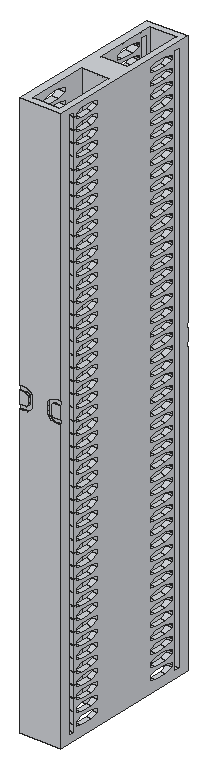
Revit family
Parameters
  Material ID = "760089342\r\n760089342\r\n760089342"
  Description = "Vertical Cable Management Kit, 6in X 84in (152mm X 2134mm) Double Sided, With Doors, Black"
Reference planes (in)
  plane 1 "Center (Front/Back)": y = 0
  plane 2: z = 0
  plane 3 "Center (Left/Right)": x = 0
Forms (in)
  Extrusion 1, void, not visible
    sketch origin (0, 0, 0) x (1, 0, 0) y (0, 0, 1)
      loop
        line (-7.85662, 0.48089) -> (-7.85662, -0.39002) -> (-7.67285, -0.39002) -> (-7.67285, -0.64002) -> (-7.0736, -0.64002) -> (-7.0736, -0.39002) -> (-6.92978, -0.39002) -> (-6.92978, 0.48089) -> (-7.85662, 0.48089)
    from -3.79215 to 12
  Extrusion 2, void, not visible
    sketch origin (0, 0, 0) x (1, 0, 0) y (0, 0, 1)
      loop
        line (-8.21397, 0.42583) -> (-8.21397, -0.07417) -> (-8.08657, -0.07417) -> (-8.08657, -0.27417) -> (-7.83657, -0.27417) -> (-7.83657, -0.07417) -> (-7.72497, -0.07417) -> (-7.72497, 0.42583) -> (-8.21397, 0.42583)
    from 0.74059 to 3.34334
  Extrusion 3, solid
    sketch origin (0, 0, 0) x (1, 0, 0) y (0, 0, 1)
      loop
        line (-2, 42) -> (-2, -42) -> (4, -42) -> (4, 42) -> (-2, 42)
    from 0 to 23.5
  Extrusion 4, void
    sketch origin (-5.59283, 0, 42) x (0, 1, 0) y (1, 0, 0)
      loop
        line (-1, 4.74283) -> (-1, 8.74283) -> (-10, 8.74283) -> (-10, 4.74283) -> (-1, 4.74283)
      loop
        line (-22.5, 4.74283) -> (-13.5, 4.74283) -> (-13.5, 8.74283) -> (-22.5, 8.74283) -> (-22.5, 4.74283)
    from 0 to 110
  Extrusion 5, void
    sketch origin (4, 0, 20.63333) x (0, 0, 1) y (0, 1, 0)
      loop
        line (-61.63333, -2.51) -> (20.53667, -2.51) -> (20.53667, -1.54) -> (-61.63333, -1.54) -> (-61.63333, -2.51)
      loop
        line (-61.63333, -20.99) -> (-61.63333, -21.96) -> (20.53667, -21.96) -> (20.53667, -20.99) -> (-61.63333, -20.99)
    from 0 to 12
  Extrusion 6, void
    sketch origin (4, 0, 20.63333) x (0, 0, 1) y (0, 1, 0)
      loop
        line (20.18661, -6.98) -> (20.53667, -5.835) -> (20.53667, -4.905) -> (20.53667, -3.975) -> (20.18661, -2.83) -> (19.91167, -2.83) -> (19.91167, -2.2587) -> (19.81167, -2.2587) -> (19.81167, -2.83) -> (19.53673, -2.83) -> (19.18667, -3.975) -> (19.18667, -5.835) -> (19.53673, -6.98) -> (20.18661, -6.98)
      loop
        line (18.43661, -6.98) -> (18.78667, -5.835) -> (18.78667, -4.905) -> (18.78667, -3.975) -> (18.43661, -2.83) -> (18.16167, -2.83) -> (18.16167, -2.2587) -> (18.06167, -2.2587) -> (18.06167, -2.83) -> (17.78673, -2.83) -> (17.43667, -3.975) -> (17.43667, -5.835) -> (17.78673, -6.98) -> (18.43661, -6.98)
      loop
        line (16.68661, -6.98) -> (17.03667, -5.835) -> (17.03667, -4.905) -> (17.03667, -3.975) -> (16.68661, -2.83) -> (16.41167, -2.83) -> (16.41167, -2.2587) -> (16.31167, -2.2587) -> (16.31167, -2.83) -> (16.03673, -2.83) -> (15.68667, -3.975) -> (15.68667, -5.835) -> (16.03673, -6.98) -> (16.68661, -6.98)
      loop
        line (14.93661, -6.98) -> (15.28667, -5.835) -> (15.28667, -4.905) -> (15.28667, -3.975) -> (14.93661, -2.83) -> (14.66167, -2.83) -> (14.66167, -2.2587) -> (14.56167, -2.2587) -> (14.56167, -2.83) -> (14.28673, -2.83) -> (13.93667, -3.975) -> (13.93667, -5.835) -> (14.28673, -6.98) -> (14.93661, -6.98)
      loop
        line (13.18661, -6.98) -> (13.53667, -5.835) -> (13.53667, -4.905) -> (13.53667, -3.975) -> (13.18661, -2.83) -> (12.91167, -2.83) -> (12.91167, -2.2587) -> (12.81167, -2.2587) -> (12.81167, -2.83) -> (12.53673, -2.83) -> (12.18667, -3.975) -> (12.18667, -5.835) -> (12.53673, -6.98) -> (13.18661, -6.98)
      loop
        line (11.43661, -6.98) -> (11.78667, -5.835) -> (11.78667, -4.905) -> (11.78667, -3.975) -> (11.43661, -2.83) -> (11.16167, -2.83) -> (11.16167, -2.2587) -> (11.06167, -2.2587) -> (11.06167, -2.83) -> (10.78673, -2.83) -> (10.43667, -3.975) -> (10.43667, -5.835) -> (10.78673, -6.98) -> (11.43661, -6.98)
      loop
        line (9.68661, -6.98) -> (10.03667, -5.835) -> (10.03667, -4.905) -> (10.03667, -3.975) -> (9.68661, -2.83) -> (9.41167, -2.83) -> (9.41167, -2.2587) -> (9.31167, -2.2587) -> (9.31167, -2.83) -> (9.03673, -2.83) -> (8.68667, -3.975) -> (8.68667, -5.835) -> (9.03673, -6.98) -> (9.68661, -6.98)
      loop
        line (7.93661, -6.98) -> (8.28667, -5.835) -> (8.28667, -4.905) -> (8.28667, -3.975) -> (7.93661, -2.83) -> (7.66167, -2.83) -> (7.66167, -2.2587) -> (7.56167, -2.2587) -> (7.56167, -2.83) -> (7.28673, -2.83) -> (6.93667, -3.975) -> (6.93667, -5.835) -> (7.28673, -6.98) -> (7.93661, -6.98)
      loop
        line (6.18661, -6.98) -> (6.53667, -5.835) -> (6.53667, -4.905) -> (6.53667, -3.975) -> (6.18661, -2.83) -> (5.91167, -2.83) -> (5.91167, -2.2587) -> (5.81167, -2.2587) -> (5.81167, -2.83) -> (5.53673, -2.83) -> (5.18667, -3.975) -> (5.18667, -5.835) -> (5.53673, -6.98) -> (6.18661, -6.98)
      loop
        line (4.43661, -6.98) -> (4.78667, -5.835) -> (4.78667, -4.905) -> (4.78667, -3.975) -> (4.43661, -2.83) -> (4.16167, -2.83) -> (4.16167, -2.2587) -> (4.06167, -2.2587) -> (4.06167, -2.83) -> (3.78673, -2.83) -> (3.43667, -3.975) -> (3.43667, -5.835) -> (3.78673, -6.98) -> (4.43661, -6.98)
      loop
        line (2.68661, -6.98) -> (3.03667, -5.835) -> (3.03667, -4.905) -> (3.03667, -3.975) -> (2.68661, -2.83) -> (2.41167, -2.83) -> (2.41167, -2.2587) -> (2.31167, -2.2587) -> (2.31167, -2.83) -> (2.03673, -2.83) -> (1.68667, -3.975) -> (1.68667, -5.835) -> (2.03673, -6.98) -> (2.68661, -6.98)
      loop
        line (0.93661, -6.98) -> (1.28667, -5.835) -> (1.28667, -4.905) -> (1.28667, -3.975) -> (0.93661, -2.83) -> (0.66167, -2.83) -> (0.66167, -2.2587) -> (0.56167, -2.2587) -> (0.56167, -2.83) -> (0.28673, -2.83) -> (-0.06333, -3.975) -> (-0.06333, -5.835) -> (0.28673, -6.98) -> (0.93661, -6.98)
      loop
        line (-0.81339, -6.98) -> (-0.46333, -5.835) -> (-0.46333, -4.905) -> (-0.46333, -3.975) -> (-0.81339, -2.83) -> (-1.08833, -2.83) -> (-1.08833, -2.2587) -> (-1.18833, -2.2587) -> (-1.18833, -2.83) -> (-1.46327, -2.83) -> (-1.81333, -3.975) -> (-1.81333, -5.835) -> (-1.46327, -6.98) -> (-0.81339, -6.98)
      loop
        line (-2.56339, -6.98) -> (-2.21333, -5.835) -> (-2.21333, -4.905) -> (-2.21333, -3.975) -> (-2.56339, -2.83) -> (-2.83833, -2.83) -> (-2.83833, -2.2587) -> (-2.93833, -2.2587) -> (-2.93833, -2.83) -> (-3.21327, -2.83) -> (-3.56333, -3.975) -> (-3.56333, -5.835) -> (-3.21327, -6.98) -> (-2.56339, -6.98)
      loop
        line (-4.31339, -6.98) -> (-3.96333, -5.835) -> (-3.96333, -4.905) -> (-3.96333, -3.975) -> (-4.31339, -2.83) -> (-4.58833, -2.83) -> (-4.58833, -2.2587) -> (-4.68833, -2.2587) -> (-4.68833, -2.83) -> (-4.96327, -2.83) -> (-5.31333, -3.975) -> (-5.31333, -5.835) -> (-4.96327, -6.98) -> (-4.31339, -6.98)
      loop
        line (-6.06339, -6.98) -> (-5.71333, -5.835) -> (-5.71333, -4.905) -> (-5.71333, -3.975) -> (-6.06339, -2.83) -> (-6.33833, -2.83) -> (-6.33833, -2.2587) -> (-6.43833, -2.2587) -> (-6.43833, -2.83) -> (-6.71327, -2.83) -> (-7.06333, -3.975) -> (-7.06333, -5.835) -> (-6.71327, -6.98) -> (-6.06339, -6.98)
      loop
        line (-7.81339, -6.98) -> (-7.46333, -5.835) -> (-7.46333, -4.905) -> (-7.46333, -3.975) -> (-7.81339, -2.83) -> (-8.08833, -2.83) -> (-8.08833, -2.2587) -> (-8.18833, -2.2587) -> (-8.18833, -2.83) -> (-8.46327, -2.83) -> (-8.81333, -3.975) -> (-8.81333, -5.835) -> (-8.46327, -6.98) -> (-7.81339, -6.98)
      loop
        line (-9.56339, -6.98) -> (-9.21333, -5.835) -> (-9.21333, -4.905) -> (-9.21333, -3.975) -> (-9.56339, -2.83) -> (-9.83833, -2.83) -> (-9.83833, -2.2587) -> (-9.93833, -2.2587) -> (-9.93833, -2.83) -> (-10.21327, -2.83) -> (-10.56333, -3.975) -> (-10.56333, -5.835) -> (-10.21327, -6.98) -> (-9.56339, -6.98)
      loop
        line (-11.31339, -6.98) -> (-10.96333, -5.835) -> (-10.96333, -4.905) -> (-10.96333, -3.975) -> (-11.31339, -2.83) -> (-11.58833, -2.83) -> (-11.58833, -2.2587) -> (-11.68833, -2.2587) -> (-11.68833, -2.83) -> (-11.96327, -2.83) -> (-12.31333, -3.975) -> (-12.31333, -5.835) -> (-11.96327, -6.98) -> (-11.31339, -6.98)
      loop
        line (-13.06339, -6.98) -> (-12.71333, -5.835) -> (-12.71333, -4.905) -> (-12.71333, -3.975) -> (-13.06339, -2.83) -> (-13.33833, -2.83) -> (-13.33833, -2.2587) -> (-13.43833, -2.2587) -> (-13.43833, -2.83) -> (-13.71327, -2.83) -> (-14.06333, -3.975) -> (-14.06333, -5.835) -> (-13.71327, -6.98) -> (-13.06339, -6.98)
      loop
        line (-14.81339, -6.98) -> (-14.46333, -5.835) -> (-14.46333, -4.905) -> (-14.46333, -3.975) -> (-14.81339, -2.83) -> (-15.08833, -2.83) -> (-15.08833, -2.2587) -> (-15.18833, -2.2587) -> (-15.18833, -2.83) -> (-15.46327, -2.83) -> (-15.81333, -3.975) -> (-15.81333, -5.835) -> (-15.46327, -6.98) -> (-14.81339, -6.98)
      loop
        line (-16.56339, -6.98) -> (-16.21333, -5.835) -> (-16.21333, -4.905) -> (-16.21333, -3.975) -> (-16.56339, -2.83) -> (-16.83833, -2.83) -> (-16.83833, -2.2587) -> (-16.93833, -2.2587) -> (-16.93833, -2.83) -> (-17.21327, -2.83) -> (-17.56333, -3.975) -> (-17.56333, -5.835) -> (-17.21327, -6.98) -> (-16.56339, -6.98)
      loop
        line (-18.31339, -6.98) -> (-17.96333, -5.835) -> (-17.96333, -4.905) -> (-17.96333, -3.975) -> (-18.31339, -2.83) -> (-18.58833, -2.83) -> (-18.58833, -2.2587) -> (-18.68833, -2.2587) -> (-18.68833, -2.83) -> (-18.96327, -2.83) -> (-19.31333, -3.975) -> (-19.31333, -5.835) -> (-18.96327, -6.98) -> (-18.31339, -6.98)
      loop
        line (-20.06339, -6.98) -> (-19.71333, -5.835) -> (-19.71333, -4.905) -> (-19.71333, -3.975) -> (-20.06339, -2.83) -> (-20.33833, -2.83) -> (-20.33833, -2.2587) -> (-20.43833, -2.2587) -> (-20.43833, -2.83) -> (-20.71327, -2.83) -> (-21.06333, -3.975) -> (-21.06333, -5.835) -> (-20.71327, -6.98) -> (-20.06339, -6.98)
      loop
        line (-21.81339, -6.98) -> (-21.46333, -5.835) -> (-21.46333, -4.905) -> (-21.46333, -3.975) -> (-21.81339, -2.83) -> (-22.08833, -2.83) -> (-22.08833, -2.2587) -> (-22.18833, -2.2587) -> (-22.18833, -2.83) -> (-22.46327, -2.83) -> (-22.81333, -3.975) -> (-22.81333, -5.835) -> (-22.46327, -6.98) -> (-21.81339, -6.98)
      loop
        line (-23.56339, -6.98) -> (-23.21333, -5.835) -> (-23.21333, -4.905) -> (-23.21333, -3.975) -> (-23.56339, -2.83) -> (-23.83833, -2.83) -> (-23.83833, -2.2587) -> (-23.93833, -2.2587) -> (-23.93833, -2.83) -> (-24.21327, -2.83) -> (-24.56333, -3.975) -> (-24.56333, -5.835) -> (-24.21327, -6.98) -> (-23.56339, -6.98)
      loop
        line (-25.31339, -6.98) -> (-24.96333, -5.835) -> (-24.96333, -4.905) -> (-24.96333, -3.975) -> (-25.31339, -2.83) -> (-25.58833, -2.83) -> (-25.58833, -2.2587) -> (-25.68833, -2.2587) -> (-25.68833, -2.83) -> (-25.96327, -2.83) -> (-26.31333, -3.975) -> (-26.31333, -5.835) -> (-25.96327, -6.98) -> (-25.31339, -6.98)
      loop
        line (-27.06339, -6.98) -> (-26.71333, -5.835) -> (-26.71333, -4.905) -> (-26.71333, -3.975) -> (-27.06339, -2.83) -> (-27.33833, -2.83) -> (-27.33833, -2.2587) -> (-27.43833, -2.2587) -> (-27.43833, -2.83) -> (-27.71327, -2.83) -> (-28.06333, -3.975) -> (-28.06333, -5.835) -> (-27.71327, -6.98) -> (-27.06339, -6.98)
      loop
        line (-28.81339, -6.98) -> (-28.46333, -5.835) -> (-28.46333, -4.905) -> (-28.46333, -3.975) -> (-28.81339, -2.83) -> (-29.08833, -2.83) -> (-29.08833, -2.2587) -> (-29.18833, -2.2587) -> (-29.18833, -2.83) -> (-29.46327, -2.83) -> (-29.81333, -3.975) -> (-29.81333, -5.835) -> (-29.46327, -6.98) -> (-28.81339, -6.98)
      loop
        line (-30.56339, -6.98) -> (-30.21333, -5.835) -> (-30.21333, -4.905) -> (-30.21333, -3.975) -> (-30.56339, -2.83) -> (-30.83833, -2.83) -> (-30.83833, -2.2587) -> (-30.93833, -2.2587) -> (-30.93833, -2.83) -> (-31.21327, -2.83) -> (-31.56333, -3.975) -> (-31.56333, -5.835) -> (-31.21327, -6.98) -> (-30.56339, -6.98)
      loop
        line (-32.31339, -6.98) -> (-31.96333, -5.835) -> (-31.96333, -4.905) -> (-31.96333, -3.975) -> (-32.31339, -2.83) -> (-32.58833, -2.83) -> (-32.58833, -2.2587) -> (-32.68833, -2.2587) -> (-32.68833, -2.83) -> (-32.96327, -2.83) -> (-33.31333, -3.975) -> (-33.31333, -5.835) -> (-32.96327, -6.98) -> (-32.31339, -6.98)
      loop
        line (-34.06339, -6.98) -> (-33.71333, -5.835) -> (-33.71333, -4.905) -> (-33.71333, -3.975) -> (-34.06339, -2.83) -> (-34.33833, -2.83) -> (-34.33833, -2.2587) -> (-34.43833, -2.2587) -> (-34.43833, -2.83) -> (-34.71327, -2.83) -> (-35.06333, -3.975) -> (-35.06333, -5.835) -> (-34.71327, -6.98) -> (-34.06339, -6.98)
      loop
        line (-35.81339, -6.98) -> (-35.46333, -5.835) -> (-35.46333, -4.905) -> (-35.46333, -3.975) -> (-35.81339, -2.83) -> (-36.08833, -2.83) -> (-36.08833, -2.2587) -> (-36.18833, -2.2587) -> (-36.18833, -2.83) -> (-36.46327, -2.83) -> (-36.81333, -3.975) -> (-36.81333, -5.835) -> (-36.46327, -6.98) -> (-35.81339, -6.98)
      loop
        line (-37.56339, -6.98) -> (-37.21333, -5.835) -> (-37.21333, -4.905) -> (-37.21333, -3.975) -> (-37.56339, -2.83) -> (-37.83833, -2.83) -> (-37.83833, -2.2587) -> (-37.93833, -2.2587) -> (-37.93833, -2.83) -> (-38.21327, -2.83) -> (-38.56333, -3.975) -> (-38.56333, -5.835) -> (-38.21327, -6.98) -> (-37.56339, -6.98)
      loop
        line (-39.31339, -6.98) -> (-38.96333, -5.835) -> (-38.96333, -4.905) -> (-38.96333, -3.975) -> (-39.31339, -2.83) -> (-39.58833, -2.83) -> (-39.58833, -2.2587) -> (-39.68833, -2.2587) -> (-39.68833, -2.83) -> (-39.96327, -2.83) -> (-40.31333, -3.975) -> (-40.31333, -5.835) -> (-39.96327, -6.98) -> (-39.31339, -6.98)
      loop
        line (-41.06339, -6.98) -> (-40.71333, -5.835) -> (-40.71333, -4.905) -> (-40.71333, -3.975) -> (-41.06339, -2.83) -> (-41.33833, -2.83) -> (-41.33833, -2.2587) -> (-41.43833, -2.2587) -> (-41.43833, -2.83) -> (-41.71327, -2.83) -> (-42.06333, -3.975) -> (-42.06333, -5.835) -> (-41.71327, -6.98) -> (-41.06339, -6.98)
      loop
        line (-42.81339, -6.98) -> (-42.46333, -5.835) -> (-42.46333, -4.905) -> (-42.46333, -3.975) -> (-42.81339, -2.83) -> (-43.08833, -2.83) -> (-43.08833, -2.2587) -> (-43.18833, -2.2587) -> (-43.18833, -2.83) -> (-43.46327, -2.83) -> (-43.81333, -3.975) -> (-43.81333, -5.835) -> (-43.46327, -6.98) -> (-42.81339, -6.98)
      loop
        line (-44.56339, -6.98) -> (-44.21333, -5.835) -> (-44.21333, -4.905) -> (-44.21333, -3.975) -> (-44.56339, -2.83) -> (-44.83833, -2.83) -> (-44.83833, -2.2587) -> (-44.93833, -2.2587) -> (-44.93833, -2.83) -> (-45.21327, -2.83) -> (-45.56333, -3.975) -> (-45.56333, -5.835) -> (-45.21327, -6.98) -> (-44.56339, -6.98)
      loop
        line (-46.31339, -6.98) -> (-45.96333, -5.835) -> (-45.96333, -4.905) -> (-45.96333, -3.975) -> (-46.31339, -2.83) -> (-46.58833, -2.83) -> (-46.58833, -2.2587) -> (-46.68833, -2.2587) -> (-46.68833, -2.83) -> (-46.96327, -2.83) -> (-47.31333, -3.975) -> (-47.31333, -5.835) -> (-46.96327, -6.98) -> (-46.31339, -6.98)
      loop
        line (-48.06339, -6.98) -> (-47.71333, -5.835) -> (-47.71333, -4.905) -> (-47.71333, -3.975) -> (-48.06339, -2.83) -> (-48.33833, -2.83) -> (-48.33833, -2.2587) -> (-48.43833, -2.2587) -> (-48.43833, -2.83) -> (-48.71327, -2.83) -> (-49.06333, -3.975) -> (-49.06333, -5.835) -> (-48.71327, -6.98) -> (-48.06339, -6.98)
      loop
        line (-49.81339, -6.98) -> (-49.46333, -5.835) -> (-49.46333, -4.905) -> (-49.46333, -3.975) -> (-49.81339, -2.83) -> (-50.08833, -2.83) -> (-50.08833, -2.2587) -> (-50.18833, -2.2587) -> (-50.18833, -2.83) -> (-50.46327, -2.83) -> (-50.81333, -3.975) -> (-50.81333, -5.835) -> (-50.46327, -6.98) -> (-49.81339, -6.98)
      loop
        line (-51.56339, -6.98) -> (-51.21333, -5.835) -> (-51.21333, -4.905) -> (-51.21333, -3.975) -> (-51.56339, -2.83) -> (-51.83833, -2.83) -> (-51.83833, -2.2587) -> (-51.93833, -2.2587) -> (-51.93833, -2.83) -> (-52.21327, -2.83) -> (-52.56333, -3.975) -> (-52.56333, -5.835) -> (-52.21327, -6.98) -> (-51.56339, -6.98)
      loop
        line (-53.31339, -6.98) -> (-52.96333, -5.835) -> (-52.96333, -4.905) -> (-52.96333, -3.975) -> (-53.31339, -2.83) -> (-53.58833, -2.83) -> (-53.58833, -2.2587) -> (-53.68833, -2.2587) -> (-53.68833, -2.83) -> (-53.96327, -2.83) -> (-54.31333, -3.975) -> (-54.31333, -5.835) -> (-53.96327, -6.98) -> (-53.31339, -6.98)
      loop
        line (-55.06339, -6.98) -> (-54.71333, -5.835) -> (-54.71333, -4.905) -> (-54.71333, -3.975) -> (-55.06339, -2.83) -> (-55.33833, -2.83) -> (-55.33833, -2.2587) -> (-55.43833, -2.2587) -> (-55.43833, -2.83) -> (-55.71327, -2.83) -> (-56.06333, -3.975) -> (-56.06333, -5.835) -> (-55.71327, -6.98) -> (-55.06339, -6.98)
      loop
        line (-56.81339, -6.98) -> (-56.46333, -5.835) -> (-56.46333, -4.905) -> (-56.46333, -3.975) -> (-56.81339, -2.83) -> (-57.08833, -2.83) -> (-57.08833, -2.2587) -> (-57.18833, -2.2587) -> (-57.18833, -2.83) -> (-57.46327, -2.83) -> (-57.81333, -3.975) -> (-57.81333, -5.835) -> (-57.46327, -6.98) -> (-56.81339, -6.98)
      loop
        line (-58.56339, -6.98) -> (-58.21333, -5.835) -> (-58.21333, -4.905) -> (-58.21333, -3.975) -> (-58.56339, -2.83) -> (-58.83833, -2.83) -> (-58.83833, -2.2587) -> (-58.93833, -2.2587) -> (-58.93833, -2.83) -> (-59.21327, -2.83) -> (-59.56333, -3.975) -> (-59.56333, -5.835) -> (-59.21327, -6.98) -> (-58.56339, -6.98)
      loop
        line (-60.31339, -6.98) -> (-59.96333, -5.835) -> (-59.96333, -4.905) -> (-59.96333, -3.975) -> (-60.31339, -2.83) -> (-60.58833, -2.83) -> (-60.58833, -2.2587) -> (-60.68833, -2.2587) -> (-60.68833, -2.83) -> (-60.96327, -2.83) -> (-61.31333, -3.975) -> (-61.31333, -5.835) -> (-60.96327, -6.98) -> (-60.31339, -6.98)
      loop
        line (20.18661, -16.52) -> (19.53673, -16.52) -> (19.18667, -17.665) -> (19.18667, -19.525) -> (19.53673, -20.67) -> (19.81167, -20.67) -> (19.81167, -21.2413) -> (19.91167, -21.2413) -> (19.91167, -20.67) -> (20.18661, -20.67) -> (20.53667, -19.525) -> (20.53667, -18.595) -> (20.53667, -17.665) -> (20.18661, -16.52)
      loop
        line (18.43661, -16.52) -> (17.78673, -16.52) -> (17.43667, -17.665) -> (17.43667, -19.525) -> (17.78673, -20.67) -> (18.06167, -20.67) -> (18.06167, -21.2413) -> (18.16167, -21.2413) -> (18.16167, -20.67) -> (18.43661, -20.67) -> (18.78667, -19.525) -> (18.78667, -18.595) -> (18.78667, -17.665) -> (18.43661, -16.52)
      loop
        line (16.68661, -16.52) -> (16.03673, -16.52) -> (15.68667, -17.665) -> (15.68667, -19.525) -> (16.03673, -20.67) -> (16.31167, -20.67) -> (16.31167, -21.2413) -> (16.41167, -21.2413) -> (16.41167, -20.67) -> (16.68661, -20.67) -> (17.03667, -19.525) -> (17.03667, -18.595) -> (17.03667, -17.665) -> (16.68661, -16.52)
      loop
        line (14.93661, -16.52) -> (14.28673, -16.52) -> (13.93667, -17.665) -> (13.93667, -19.525) -> (14.28673, -20.67) -> (14.56167, -20.67) -> (14.56167, -21.2413) -> (14.66167, -21.2413) -> (14.66167, -20.67) -> (14.93661, -20.67) -> (15.28667, -19.525) -> (15.28667, -18.595) -> (15.28667, -17.665) -> (14.93661, -16.52)
      loop
        line (13.18661, -16.52) -> (12.53673, -16.52) -> (12.18667, -17.665) -> (12.18667, -19.525) -> (12.53673, -20.67) -> (12.81167, -20.67) -> (12.81167, -21.2413) -> (12.91167, -21.2413) -> (12.91167, -20.67) -> (13.18661, -20.67) -> (13.53667, -19.525) -> (13.53667, -18.595) -> (13.53667, -17.665) -> (13.18661, -16.52)
      loop
        line (11.43661, -16.52) -> (10.78673, -16.52) -> (10.43667, -17.665) -> (10.43667, -19.525) -> (10.78673, -20.67) -> (11.06167, -20.67) -> (11.06167, -21.2413) -> (11.16167, -21.2413) -> (11.16167, -20.67) -> (11.43661, -20.67) -> (11.78667, -19.525) -> (11.78667, -18.595) -> (11.78667, -17.665) -> (11.43661, -16.52)
      loop
        line (9.68661, -16.52) -> (9.03673, -16.52) -> (8.68667, -17.665) -> (8.68667, -19.525) -> (9.03673, -20.67) -> (9.31167, -20.67) -> (9.31167, -21.2413) -> (9.41167, -21.2413) -> (9.41167, -20.67) -> (9.68661, -20.67) -> (10.03667, -19.525) -> (10.03667, -18.595) -> (10.03667, -17.665) -> (9.68661, -16.52)
      loop
        line (7.93661, -16.52) -> (7.28673, -16.52) -> (6.93667, -17.665) -> (6.93667, -19.525) -> (7.28673, -20.67) -> (7.56167, -20.67) -> (7.56167, -21.2413) -> (7.66167, -21.2413) -> (7.66167, -20.67) -> (7.93661, -20.67) -> (8.28667, -19.525) -> (8.28667, -18.595) -> (8.28667, -17.665) -> (7.93661, -16.52)
      loop
        line (6.18661, -16.52) -> (5.53673, -16.52) -> (5.18667, -17.665) -> (5.18667, -19.525) -> (5.53673, -20.67) -> (5.81167, -20.67) -> (5.81167, -21.2413) -> (5.91167, -21.2413) -> (5.91167, -20.67) -> (6.18661, -20.67) -> (6.53667, -19.525) -> (6.53667, -18.595) -> (6.53667, -17.665) -> (6.18661, -16.52)
      loop
        line (4.43661, -16.52) -> (3.78673, -16.52) -> (3.43667, -17.665) -> (3.43667, -19.525) -> (3.78673, -20.67) -> (4.06167, -20.67) -> (4.06167, -21.2413) -> (4.16167, -21.2413) -> (4.16167, -20.67) -> (4.43661, -20.67) -> (4.78667, -19.525) -> (4.78667, -18.595) -> (4.78667, -17.665) -> (4.43661, -16.52)
      loop
        line (2.68661, -16.52) -> (2.03673, -16.52) -> (1.68667, -17.665) -> (1.68667, -19.525) -> (2.03673, -20.67) -> (2.31167, -20.67) -> (2.31167, -21.2413) -> (2.41167, -21.2413) -> (2.41167, -20.67) -> (2.68661, -20.67) -> (3.03667, -19.525) -> (3.03667, -18.595) -> (3.03667, -17.665) -> (2.68661, -16.52)
      loop
        line (0.93661, -16.52) -> (0.28673, -16.52) -> (-0.06333, -17.665) -> (-0.06333, -19.525) -> (0.28673, -20.67) -> (0.56167, -20.67) -> (0.56167, -21.2413) -> (0.66167, -21.2413) -> (0.66167, -20.67) -> (0.93661, -20.67) -> (1.28667, -19.525) -> (1.28667, -18.595) -> (1.28667, -17.665) -> (0.93661, -16.52)
      loop
        line (-0.81339, -16.52) -> (-1.46327, -16.52) -> (-1.81333, -17.665) -> (-1.81333, -19.525) -> (-1.46327, -20.67) -> (-1.18833, -20.67) -> (-1.18833, -21.2413) -> (-1.08833, -21.2413) -> (-1.08833, -20.67) -> (-0.81339, -20.67) -> (-0.46333, -19.525) -> (-0.46333, -18.595) -> (-0.46333, -17.665) -> (-0.81339, -16.52)
      loop
        line (-2.56339, -16.52) -> (-3.21327, -16.52) -> (-3.56333, -17.665) -> (-3.56333, -19.525) -> (-3.21327, -20.67) -> (-2.93833, -20.67) -> (-2.93833, -21.2413) -> (-2.83833, -21.2413) -> (-2.83833, -20.67) -> (-2.56339, -20.67) -> (-2.21333, -19.525) -> (-2.21333, -18.595) -> (-2.21333, -17.665) -> (-2.56339, -16.52)
      loop
        line (-4.31339, -16.52) -> (-4.96327, -16.52) -> (-5.31333, -17.665) -> (-5.31333, -19.525) -> (-4.96327, -20.67) -> (-4.68833, -20.67) -> (-4.68833, -21.2413) -> (-4.58833, -21.2413) -> (-4.58833, -20.67) -> (-4.31339, -20.67) -> (-3.96333, -19.525) -> (-3.96333, -18.595) -> (-3.96333, -17.665) -> (-4.31339, -16.52)
      loop
        line (-6.06339, -16.52) -> (-6.71327, -16.52) -> (-7.06333, -17.665) -> (-7.06333, -19.525) -> (-6.71327, -20.67) -> (-6.43833, -20.67) -> (-6.43833, -21.2413) -> (-6.33833, -21.2413) -> (-6.33833, -20.67) -> (-6.06339, -20.67) -> (-5.71333, -19.525) -> (-5.71333, -18.595) -> (-5.71333, -17.665) -> (-6.06339, -16.52)
      loop
        line (-7.81339, -16.52) -> (-8.46327, -16.52) -> (-8.81333, -17.665) -> (-8.81333, -19.525) -> (-8.46327, -20.67) -> (-8.18833, -20.67) -> (-8.18833, -21.2413) -> (-8.08833, -21.2413) -> (-8.08833, -20.67) -> (-7.81339, -20.67) -> (-7.46333, -19.525) -> (-7.46333, -18.595) -> (-7.46333, -17.665) -> (-7.81339, -16.52)
      loop
        line (-9.56339, -16.52) -> (-10.21327, -16.52) -> (-10.56333, -17.665) -> (-10.56333, -19.525) -> (-10.21327, -20.67) -> (-9.93833, -20.67) -> (-9.93833, -21.2413) -> (-9.83833, -21.2413) -> (-9.83833, -20.67) -> (-9.56339, -20.67) -> (-9.21333, -19.525) -> (-9.21333, -18.595) -> (-9.21333, -17.665) -> (-9.56339, -16.52)
      loop
        line (-11.31339, -16.52) -> (-11.96327, -16.52) -> (-12.31333, -17.665) -> (-12.31333, -19.525) -> (-11.96327, -20.67) -> (-11.68833, -20.67) -> (-11.68833, -21.2413) -> (-11.58833, -21.2413) -> (-11.58833, -20.67) -> (-11.31339, -20.67) -> (-10.96333, -19.525) -> (-10.96333, -18.595) -> (-10.96333, -17.665) -> (-11.31339, -16.52)
      loop
        line (-13.06339, -16.52) -> (-13.71327, -16.52) -> (-14.06333, -17.665) -> (-14.06333, -19.525) -> (-13.71327, -20.67) -> (-13.43833, -20.67) -> (-13.43833, -21.2413) -> (-13.33833, -21.2413) -> (-13.33833, -20.67) -> (-13.06339, -20.67) -> (-12.71333, -19.525) -> (-12.71333, -18.595) -> (-12.71333, -17.665) -> (-13.06339, -16.52)
      loop
        line (-14.81339, -16.52) -> (-15.46327, -16.52) -> (-15.81333, -17.665) -> (-15.81333, -19.525) -> (-15.46327, -20.67) -> (-15.18833, -20.67) -> (-15.18833, -21.2413) -> (-15.08833, -21.2413) -> (-15.08833, -20.67) -> (-14.81339, -20.67) -> (-14.46333, -19.525) -> (-14.46333, -18.595) -> (-14.46333, -17.665) -> (-14.81339, -16.52)
      loop
        line (-16.56339, -16.52) -> (-17.21327, -16.52) -> (-17.56333, -17.665) -> (-17.56333, -19.525) -> (-17.21327, -20.67) -> (-16.93833, -20.67) -> (-16.93833, -21.2413) -> (-16.83833, -21.2413) -> (-16.83833, -20.67) -> (-16.56339, -20.67) -> (-16.21333, -19.525) -> (-16.21333, -18.595) -> (-16.21333, -17.665) -> (-16.56339, -16.52)
      loop
        line (-18.31339, -16.52) -> (-18.96327, -16.52) -> (-19.31333, -17.665) -> (-19.31333, -19.525) -> (-18.96327, -20.67) -> (-18.68833, -20.67) -> (-18.68833, -21.2413) -> (-18.58833, -21.2413) -> (-18.58833, -20.67) -> (-18.31339, -20.67) -> (-17.96333, -19.525) -> (-17.96333, -18.595) -> (-17.96333, -17.665) -> (-18.31339, -16.52)
      loop
        line (-20.06339, -16.52) -> (-20.71327, -16.52) -> (-21.06333, -17.665) -> (-21.06333, -19.525) -> (-20.71327, -20.67) -> (-20.43833, -20.67) -> (-20.43833, -21.2413) -> (-20.33833, -21.2413) -> (-20.33833, -20.67) -> (-20.06339, -20.67) -> (-19.71333, -19.525) -> (-19.71333, -18.595) -> (-19.71333, -17.665) -> (-20.06339, -16.52)
      loop
        line (-21.81339, -16.52) -> (-22.46327, -16.52) -> (-22.81333, -17.665) -> (-22.81333, -19.525) -> (-22.46327, -20.67) -> (-22.18833, -20.67) -> (-22.18833, -21.2413) -> (-22.08833, -21.2413) -> (-22.08833, -20.67) -> (-21.81339, -20.67) -> (-21.46333, -19.525) -> (-21.46333, -18.595) -> (-21.46333, -17.665) -> (-21.81339, -16.52)
      loop
        line (-23.56339, -16.52) -> (-24.21327, -16.52) -> (-24.56333, -17.665) -> (-24.56333, -19.525) -> (-24.21327, -20.67) -> (-23.93833, -20.67) -> (-23.93833, -21.2413) -> (-23.83833, -21.2413) -> (-23.83833, -20.67) -> (-23.56339, -20.67) -> (-23.21333, -19.525) -> (-23.21333, -18.595) -> (-23.21333, -17.665) -> (-23.56339, -16.52)
      loop
        line (-25.31339, -16.52) -> (-25.96327, -16.52) -> (-26.31333, -17.665) -> (-26.31333, -19.525) -> (-25.96327, -20.67) -> (-25.68833, -20.67) -> (-25.68833, -21.2413) -> (-25.58833, -21.2413) -> (-25.58833, -20.67) -> (-25.31339, -20.67) -> (-24.96333, -19.525) -> (-24.96333, -18.595) -> (-24.96333, -17.665) -> (-25.31339, -16.52)
      loop
        line (-27.06339, -16.52) -> (-27.71327, -16.52) -> (-28.06333, -17.665) -> (-28.06333, -19.525) -> (-27.71327, -20.67) -> (-27.43833, -20.67) -> (-27.43833, -21.2413) -> (-27.33833, -21.2413) -> (-27.33833, -20.67) -> (-27.06339, -20.67) -> (-26.71333, -19.525) -> (-26.71333, -18.595) -> (-26.71333, -17.665) -> (-27.06339, -16.52)
      loop
        line (-28.81339, -16.52) -> (-29.46327, -16.52) -> (-29.81333, -17.665) -> (-29.81333, -19.525) -> (-29.46327, -20.67) -> (-29.18833, -20.67) -> (-29.18833, -21.2413) -> (-29.08833, -21.2413) -> (-29.08833, -20.67) -> (-28.81339, -20.67) -> (-28.46333, -19.525) -> (-28.46333, -18.595) -> (-28.46333, -17.665) -> (-28.81339, -16.52)
      loop
        line (-30.56339, -16.52) -> (-31.21327, -16.52) -> (-31.56333, -17.665) -> (-31.56333, -19.525) -> (-31.21327, -20.67) -> (-30.93833, -20.67) -> (-30.93833, -21.2413) -> (-30.83833, -21.2413) -> (-30.83833, -20.67) -> (-30.56339, -20.67) -> (-30.21333, -19.525) -> (-30.21333, -18.595) -> (-30.21333, -17.665) -> (-30.56339, -16.52)
      loop
        line (-32.31339, -16.52) -> (-32.96327, -16.52) -> (-33.31333, -17.665) -> (-33.31333, -19.525) -> (-32.96327, -20.67) -> (-32.68833, -20.67) -> (-32.68833, -21.2413) -> (-32.58833, -21.2413) -> (-32.58833, -20.67) -> (-32.31339, -20.67) -> (-31.96333, -19.525) -> (-31.96333, -18.595) -> (-31.96333, -17.665) -> (-32.31339, -16.52)
      loop
        line (-34.06339, -16.52) -> (-34.71327, -16.52) -> (-35.06333, -17.665) -> (-35.06333, -19.525) -> (-34.71327, -20.67) -> (-34.43833, -20.67) -> (-34.43833, -21.2413) -> (-34.33833, -21.2413) -> (-34.33833, -20.67) -> (-34.06339, -20.67) -> (-33.71333, -19.525) -> (-33.71333, -18.595) -> (-33.71333, -17.665) -> (-34.06339, -16.52)
      loop
        line (-35.81339, -16.52) -> (-36.46327, -16.52) -> (-36.81333, -17.665) -> (-36.81333, -19.525) -> (-36.46327, -20.67) -> (-36.18833, -20.67) -> (-36.18833, -21.2413) -> (-36.08833, -21.2413) -> (-36.08833, -20.67) -> (-35.81339, -20.67) -> (-35.46333, -19.525) -> (-35.46333, -18.595) -> (-35.46333, -17.665) -> (-35.81339, -16.52)
      loop
        line (-37.56339, -16.52) -> (-38.21327, -16.52) -> (-38.56333, -17.665) -> (-38.56333, -19.525) -> (-38.21327, -20.67) -> (-37.93833, -20.67) -> (-37.93833, -21.2413) -> (-37.83833, -21.2413) -> (-37.83833, -20.67) -> (-37.56339, -20.67) -> (-37.21333, -19.525) -> (-37.21333, -18.595) -> (-37.21333, -17.665) -> (-37.56339, -16.52)
      loop
        line (-39.31339, -16.52) -> (-39.96327, -16.52) -> (-40.31333, -17.665) -> (-40.31333, -19.525) -> (-39.96327, -20.67) -> (-39.68833, -20.67) -> (-39.68833, -21.2413) -> (-39.58833, -21.2413) -> (-39.58833, -20.67) -> (-39.31339, -20.67) -> (-38.96333, -19.525) -> (-38.96333, -18.595) -> (-38.96333, -17.665) -> (-39.31339, -16.52)
      loop
        line (-41.06339, -16.52) -> (-41.71327, -16.52) -> (-42.06333, -17.665) -> (-42.06333, -19.525) -> (-41.71327, -20.67) -> (-41.43833, -20.67) -> (-41.43833, -21.2413) -> (-41.33833, -21.2413) -> (-41.33833, -20.67) -> (-41.06339, -20.67) -> (-40.71333, -19.525) -> (-40.71333, -18.595) -> (-40.71333, -17.665) -> (-41.06339, -16.52)
      loop
        line (-42.81339, -16.52) -> (-43.46327, -16.52) -> (-43.81333, -17.665) -> (-43.81333, -19.525) -> (-43.46327, -20.67) -> (-43.18833, -20.67) -> (-43.18833, -21.2413) -> (-43.08833, -21.2413) -> (-43.08833, -20.67) -> (-42.81339, -20.67) -> (-42.46333, -19.525) -> (-42.46333, -18.595) -> (-42.46333, -17.665) -> (-42.81339, -16.52)
      loop
        line (-44.56339, -16.52) -> (-45.21327, -16.52) -> (-45.56333, -17.665) -> (-45.56333, -19.525) -> (-45.21327, -20.67) -> (-44.93833, -20.67) -> (-44.93833, -21.2413) -> (-44.83833, -21.2413) -> (-44.83833, -20.67) -> (-44.56339, -20.67) -> (-44.21333, -19.525) -> (-44.21333, -18.595) -> (-44.21333, -17.665) -> (-44.56339, -16.52)
      loop
        line (-46.31339, -16.52) -> (-46.96327, -16.52) -> (-47.31333, -17.665) -> (-47.31333, -19.525) -> (-46.96327, -20.67) -> (-46.68833, -20.67) -> (-46.68833, -21.2413) -> (-46.58833, -21.2413) -> (-46.58833, -20.67) -> (-46.31339, -20.67) -> (-45.96333, -19.525) -> (-45.96333, -18.595) -> (-45.96333, -17.665) -> (-46.31339, -16.52)
      loop
        line (-48.06339, -16.52) -> (-48.71327, -16.52) -> (-49.06333, -17.665) -> (-49.06333, -19.525) -> (-48.71327, -20.67) -> (-48.43833, -20.67) -> (-48.43833, -21.2413) -> (-48.33833, -21.2413) -> (-48.33833, -20.67) -> (-48.06339, -20.67) -> (-47.71333, -19.525) -> (-47.71333, -18.595) -> (-47.71333, -17.665) -> (-48.06339, -16.52)
      loop
        line (-49.81339, -16.52) -> (-50.46327, -16.52) -> (-50.81333, -17.665) -> (-50.81333, -19.525) -> (-50.46327, -20.67) -> (-50.18833, -20.67) -> (-50.18833, -21.2413) -> (-50.08833, -21.2413) -> (-50.08833, -20.67) -> (-49.81339, -20.67) -> (-49.46333, -19.525) -> (-49.46333, -18.595) -> (-49.46333, -17.665) -> (-49.81339, -16.52)
      loop
        line (-51.56339, -16.52) -> (-52.21327, -16.52) -> (-52.56333, -17.665) -> (-52.56333, -19.525) -> (-52.21327, -20.67) -> (-51.93833, -20.67) -> (-51.93833, -21.2413) -> (-51.83833, -21.2413) -> (-51.83833, -20.67) -> (-51.56339, -20.67) -> (-51.21333, -19.525) -> (-51.21333, -18.595) -> (-51.21333, -17.665) -> (-51.56339, -16.52)
      loop
        line (-53.31339, -16.52) -> (-53.96327, -16.52) -> (-54.31333, -17.665) -> (-54.31333, -19.525) -> (-53.96327, -20.67) -> (-53.68833, -20.67) -> (-53.68833, -21.2413) -> (-53.58833, -21.2413) -> (-53.58833, -20.67) -> (-53.31339, -20.67) -> (-52.96333, -19.525) -> (-52.96333, -18.595) -> (-52.96333, -17.665) -> (-53.31339, -16.52)
      loop
        line (-55.06339, -16.52) -> (-55.71327, -16.52) -> (-56.06333, -17.665) -> (-56.06333, -19.525) -> (-55.71327, -20.67) -> (-55.43833, -20.67) -> (-55.43833, -21.2413) -> (-55.33833, -21.2413) -> (-55.33833, -20.67) -> (-55.06339, -20.67) -> (-54.71333, -19.525) -> (-54.71333, -18.595) -> (-54.71333, -17.665) -> (-55.06339, -16.52)
      loop
        line (-56.81339, -16.52) -> (-57.46327, -16.52) -> (-57.81333, -17.665) -> (-57.81333, -19.525) -> (-57.46327, -20.67) -> (-57.18833, -20.67) -> (-57.18833, -21.2413) -> (-57.08833, -21.2413) -> (-57.08833, -20.67) -> (-56.81339, -20.67) -> (-56.46333, -19.525) -> (-56.46333, -18.595) -> (-56.46333, -17.665) -> (-56.81339, -16.52)
      loop
        line (-58.56339, -16.52) -> (-59.21327, -16.52) -> (-59.56333, -17.665) -> (-59.56333, -19.525) -> (-59.21327, -20.67) -> (-58.93833, -20.67) -> (-58.93833, -21.2413) -> (-58.83833, -21.2413) -> (-58.83833, -20.67) -> (-58.56339, -20.67) -> (-58.21333, -19.525) -> (-58.21333, -18.595) -> (-58.21333, -17.665) -> (-58.56339, -16.52)
      loop
        line (-60.31339, -16.52) -> (-60.96327, -16.52) -> (-61.31333, -17.665) -> (-61.31333, -19.525) -> (-60.96327, -20.67) -> (-60.68833, -20.67) -> (-60.68833, -21.2413) -> (-60.58833, -21.2413) -> (-60.58833, -20.67) -> (-60.31339, -20.67) -> (-59.96333, -19.525) -> (-59.96333, -18.595) -> (-59.96333, -17.665) -> (-60.31339, -16.52)
    from 0 to 12
  Extrusion 7, void
    sketch origin (0, 0, 0) x (-1, 0, 0) y (0, 0, -1)
      loop
        line (-4, -3.97624) -> (-3.27826, -3.97624)
        arc (-3.27826, -3.97624) -> (-2.40808, -3.6158) -> (-2.04764, -2.74561) r 1.23063
        line (-2.04764, -2.74561) -> (-2.04764, -2.08094)
        arc (-2.04764, -2.08094) -> (-2.40789, -1.2112) -> (-3.27764, -0.85094) r 1.23
        line (-3.27764, -0.85094) -> (-4, -0.85094) -> (-4, -1.50094) -> (-3.19764, -1.50094)
        arc (-3.19764, -1.50094) -> (-2.84408, -1.64739) -> (-2.69764, -2.00094) r 0.5
        line (-2.69764, -2.00094) -> (-2.69764, -2.82624)
        arc (-2.69764, -2.82624) -> (-2.84408, -3.17979) -> (-3.19764, -3.32624) r 0.5
        line (-3.19764, -3.32624) -> (-4, -3.32624) -> (-4, -3.97624)
      loop
        line (2, -3.97624) -> (2, -3.32624) -> (1.19764, -3.32624)
        arc (1.19764, -3.32624) -> (0.84408, -3.17979) -> (0.69764, -2.82624) r 0.5
        line (0.69764, -2.82624) -> (0.69764, -2.00094)
        arc (0.69764, -2.00094) -> (0.84408, -1.64739) -> (1.19764, -1.50094) r 0.5
        line (1.19764, -1.50094) -> (2, -1.50094) -> (2, -0.85094) -> (1.27764, -0.85094)
        arc (1.27764, -0.85094) -> (0.40789, -1.2112) -> (0.04764, -2.08094) r 1.23
        line (0.04764, -2.08094) -> (0.04764, -2.74561)
        arc (0.04764, -2.74561) -> (0.40808, -3.6158) -> (1.27826, -3.97624) r 1.23063
        line (1.27826, -3.97624) -> (2, -3.97624)
    from 0 to 0.2
  Extrusion 8, void
    sketch origin (0, -23.5, 0) x (-1, 0, 0) y (0, 0, 1)
      loop
        line (-4, 3.97624) -> (-4, 3.32624) -> (-3.19764, 3.32624)
        arc (-3.19764, 3.32624) -> (-2.84408, 3.17979) -> (-2.69764, 2.82624) r 0.5
        line (-2.69764, 2.82624) -> (-2.69764, 2.00094)
        arc (-2.69764, 2.00094) -> (-2.84408, 1.64739) -> (-3.19764, 1.50094) r 0.5
        line (-3.19764, 1.50094) -> (-4, 1.50094) -> (-4, 0.85094) -> (-3.27764, 0.85094)
        arc (-3.27764, 0.85094) -> (-2.40789, 1.2112) -> (-2.04764, 2.08094) r 1.23
        line (-2.04764, 2.08094) -> (-2.04764, 2.74561)
        arc (-2.04764, 2.74561) -> (-2.40808, 3.6158) -> (-3.27826, 3.97624) r 1.23063
        line (-3.27826, 3.97624) -> (-4, 3.97624)
      loop
        line (2, 3.97624) -> (1.27826, 3.97624)
        arc (1.27826, 3.97624) -> (0.40808, 3.6158) -> (0.04764, 2.74561) r 1.23063
        line (0.04764, 2.74561) -> (0.04764, 2.08094)
        arc (0.04764, 2.08094) -> (0.40789, 1.2112) -> (1.27764, 0.85094) r 1.23
        line (1.27764, 0.85094) -> (2, 0.85094) -> (2, 1.50094) -> (1.19764, 1.50094)
        arc (1.19764, 1.50094) -> (0.84408, 1.64739) -> (0.69764, 2.00094) r 0.5
        line (0.69764, 2.00094) -> (0.69764, 2.82624)
        arc (0.69764, 2.82624) -> (0.84408, 3.17979) -> (1.19764, 3.32624) r 0.5
        line (1.19764, 3.32624) -> (2, 3.32624) -> (2, 3.97624)
    from 0 to 0.2
Cuts and joins
  Extrusion 4, Extrusion 5, Extrusion 6, Extrusion 7, Extrusion 8 cuts Extrusion 3
Dimensions and locks (in)
  cut or joined group of Extrusion 3, Extrusion 4, Extrusion 5, Extrusion 6, Extrusion 7, Extrusion 8 to cut or joined group of Extrusion 3, Extrusion 4, Extrusion 5, Extrusion 6, Extrusion 7, Extrusion 8 = 84"
